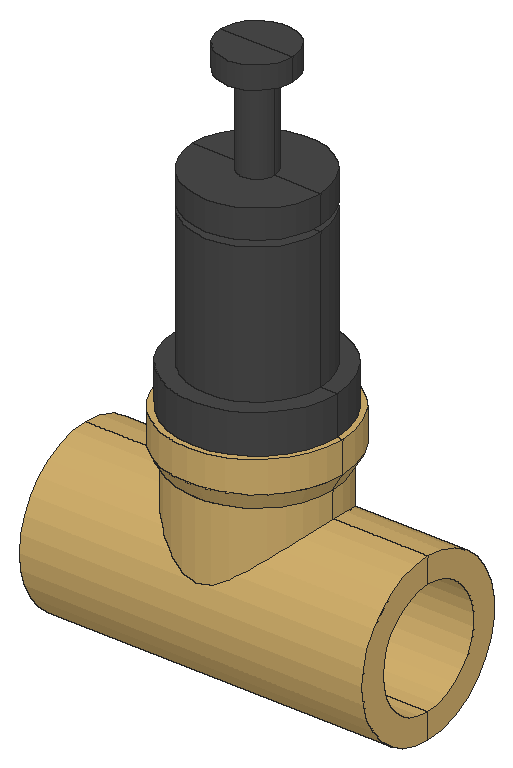
Revit family "Pressure_Reducing_Valves-Acorn-Controls-RV03P0_Series", category Pipe Accessories, Revit 2019
Family settings
  Round Connector Dimension = Use Diameter
  Part Type = Valve - Breaks Into
  OmniClass Number = 23.65.55.14.17
  OmniClass Title = Adjusting/Controlling Valves for Liquid Services
  Work Plane-Based = No
  Always vertical = Yes
  Cut with Voids When Loaded = No
  Shared = No
Parameters (values of type "RV03P0-1000")
  cUPC Compliant = yes
  Valve Size = 1/2"
  URL = "https://www.acorneng.com/acorn-controls-tempering-valves"
  Temperature Rating = "180°F (82.2°C)"
  SH Steel HP - High Pressure Spring = no
  S0 Steel = no
  Pressure Rating = "400 PSI (2758 kPa)"
  PH Plastic HP - High Pressure Spring = no
  P0 Plastic = yes
  Model = "RV03P0-1000"
  Manufacturer = "Acorn"
  IAPMO Compliance = "Comply with the national lead-free law, ASSE 1003 & NSF-61."  # constant formula
  Factory Preset = "50±5 PSI (345kPa)"
  E Dimension = 4 3/4"
  Description = "Pressure Reducing Valves"  # constant formula
  D Dimension = 1 5/8"
  Creation Date = "09/08/2022"  # constant formula
  Connection Outlet Description = "1/2\" Outlet Connection"
  Connection Inlet Description = "1/2\" Inlet Connection"
  Bonnet Material = Metal-Acorn-UV Resistant Material
  Body Material = Metal-Acorn-Lead Free Brass
  Assembly Code = "D2090900"
  Adjustable Pressure Range = "10-75 PSI (69-517 kPa)"
  A Dimension = 3 3/8"
Types (7): name | Valve Size | Model | E Dimension | D Dimension | Connection Outlet Description | Connection Inlet Description | A Dimension
  (no name) | 1/2" | "RV03P0-1000" | 4 3/4" | 1 5/8" | "1/2\" Outlet Connection" | "1/2\" Inlet Connection" | 3 3/8"
  RV03P0-1000 | 1/2" | "RV03P0-1000" | 4 3/4" | 1 5/8" | "1/2\" Outlet Connection" | "1/2\" Inlet Connection" | 3 3/8"
  RV03P0-2000 | 3/4" | "RV03P0-2000" | 4 3/4" | 1 5/8" | "3/4\" Outlet Connection" | "3/4\" Inlet Connection" | 3 3/8"
  RV03P0-3000 | 1" | "RV03P0-3000" | 5 1/2" | 1 7/8" | "1\" Outlet Connection" | "1\" Inlet Connection" | 3 7/8"
  RV03P0-4000 | 1 1/4" | "RV03P0-4000" | 8 1/8" | 2 3/8" | "1 1/4\" Outlet Connection" | "1 1/4\" Inlet Connection" | 5"
  RV03P0-5000 | 1 1/2" | "RV03P0-5000" | 8 1/8" | 2 7/8" | "1 1/2\" Outlet Connection" | "1 1/2\" Inlet Connection" | 5"
  RV03P0-6000 | 2" | "RV03P0-6000" | 8 1/8" | 3 1/2" | "2 Outlet Connection" | "2 Inlet Connection" | 5"
Reference planes (in)
  plane 1 "Center (Front/Back)": y = 0
  plane 2: z = 0
  plane 3 "Center (Left/Right)": x = 0
  plane 4: y = 0.8125
  plane 5: y = -0.8125
  plane 6: x = 1.6875
  plane 7: x = -1.6875
  plane 8: z = 4.75
  plane 9: z = 0.8125
  plane 10: z = -0.8125
Forms (in)
  Revolve 1, solid, material "Metal-Acorn-Lead Free Brass" <- "Body Material"
    sketch origin (0, 0, 0) x (1, 0, 0) y (0, 0, 1)
      loop
        line (-1.6875, 0.5625) -> (1.6875, 0.5625) -> (1.6875, 0.8125) -> (-1.6875, 0.8125) -> (-1.6875, 0.5625)
      axis (1.6875, 0) -> (-1.6875, 0)
    angle from 0 to 360
  Revolve 2, solid, material "Metal-Acorn-UV Resistant Material" <- "Bonnet Material"
    sketch origin (0, 0, 0) x (1, 0, 0) y (0, 0, 1)
      loop
        line (0, 4.75) -> (0, 0) -> (0.75, 0) -> (0.75, 1.06306) -> (0.85037, 1.23692) -> (0.85037, 1.5473) -> (0.79481, 1.5473) -> (0.79481, 1.93135) -> (0.62979, 1.93135) -> (0.62979, 3.29866) -> (0.37979, 3.29866) -> (0.37979, 3.36087) -> (0.62979, 3.36087) -> (0.62979, 3.64191) -> (0.17243, 3.64191) -> (0.17243, 4.52928) -> (0.35361, 4.52928) -> (0.35361, 4.75) -> (0, 4.75)
      axis (0, 4.75) -> (0, 0)
    angle from 0 to 360
Dimensions and locks (in)
  plane 4 to plane 5 = 1 5/8"
  equal spacing: plane 4, plane 1 "Center (Front/Back)", plane 5
  equal spacing: plane 7, plane 3 "Center (Left/Right)", plane 6
  "A Dimension": plane 7 to plane 6
  "E Dimension": plane 8 to level
  equal spacing: plane 5, plane 1 "Center (Front/Back)", plane 4
  "D Dimension": plane 5 to plane 4
  locked: plane 8 to Revolve 2 sketch curve at 0.22072
  equal spacing: plane 9, level, plane 10
  "D Dimension": plane 9 to plane 10
  locked: plane 9 to Revolve 1 sketch curve at 0.25
  aligned and locked: level to Revolve 1 sketch curve
  aligned and locked: Revolve 1 sketch curve to plane 6
  aligned and locked: Revolve 1 sketch curve to plane 7
  aligned and locked: Revolve 2 sketch curve to plane 3 "Center (Left/Right)"
  aligned and locked: plane 8 to Revolve 2 sketch curve
  aligned and locked: Revolve 1 sketch curve to plane 9
Automatic sketch dimensions
  Revolve 2 sketch curve to plane 3 "Center (Left/Right)" = 0"
  Revolve 2 sketch curve to level = 0"
  plane 3 "Center (Left/Right)" to Revolve 2 sketch curve = 0.17243"
  Revolve 2 sketch curve to Revolve 2 sketch curve = 0.18118"
  plane 3 "Center (Left/Right)" to Revolve 2 sketch curve = 0.37979"
  Revolve 2 sketch curve to Revolve 2 sketch curve = 1/4"
  Revolve 2 sketch curve to Revolve 2 sketch curve = 0"
  plane 3 "Center (Left/Right)" to Revolve 2 sketch curve = 3/4"
  Revolve 2 sketch curve to Revolve 2 sketch curve = 0.16502"
  Revolve 2 sketch curve to Revolve 2 sketch curve = 0.10037"
  Revolve 2 sketch curve to Revolve 2 sketch curve = 0.17385"
  Revolve 2 sketch curve to Revolve 2 sketch curve = 0.38405"
  Revolve 2 sketch curve to Revolve 2 sketch curve = 1 1/4"
  Revolve 2 sketch curve to level = 3"
  plane 9 to Revolve 2 sketch curve = 0.25056"
  plane 9 to Revolve 2 sketch curve = 0.7348"
  plane 9 to Revolve 2 sketch curve = 2.48616"
  Revolve 2 sketch curve to Revolve 2 sketch curve = 0.06222"
  Revolve 2 sketch curve to Revolve 2 sketch curve = 0.28104"
  plane 7 to Revolve 1 sketch curve = 1 7/8"
  plane 6 to Revolve 1 sketch curve = 2 3/4"
Connectors (in)
  piping at (-1.6875, 0, 0), diameter 0.5, driven by "Valve Size", driven by "Connection Inlet Description"
    settings: on Revolve 1, index 1, connector inside diameter 24", connector length 0", flow factor 0, pipe flow 0 GPM, pressure drop 0.00 psi, fitting loss kfactor 0, connector angle 0.00°, fixture units 0, engagement length 0", angle of deflection 0.00°, flow configuration 0, flow direction 1, fitting loss method 0, system type 29, joint type 0, gender type 0, connector reference index -1, connector utility 0, adjustable connector no, is connector primary yes, connector description "1/2\" Inlet Connection"
  piping at (1.6875, 0, 0), diameter 0.5, driven by "Valve Size", driven by "Connection Outlet Description"
    settings: on Revolve 1, index 2, connector inside diameter 24", connector length 0", flow factor 0, pipe flow 0 GPM, pressure drop 0.00 psi, fitting loss kfactor 0, connector angle 0.00°, fixture units 0, engagement length 0", angle of deflection 0.00°, flow configuration 0, flow direction 2, fitting loss method 0, system type 29, joint type 0, gender type 0, connector reference index -1, connector utility 0, adjustable connector no, is connector primary no, connector description "1/2\" Outlet Connection"
